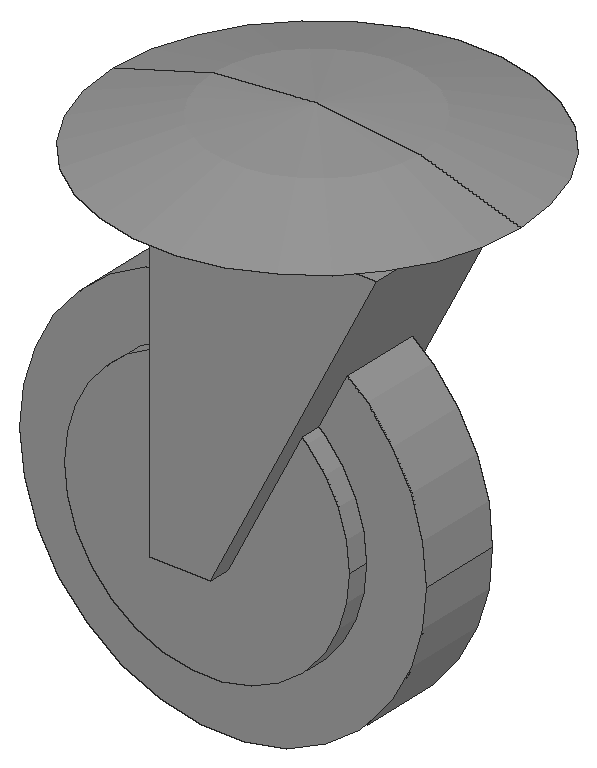
Revit family "Колесо для тележек Д10 с бампером h=140", category Обобщенные модели, Revit 2017
Family settings
  Может служить основой для арматурных стержней = Нет
  Размер круглого соединителя = Использовать диаметр
  Тип детали = Нормальный
  На основе рабочей плоскости = Нет
  Всегда вертикально = Да
  При загрузке вырезать с полостями = Нет
  Общий = Нет
  Точка расчета площади = Нет
Parameters (values of type "Колесо Д10 с бампером h=140")
  Keynote = ""
  Группа модели = "ТХ"  # constant formula
  GKS_Mep_Примечание = ""
  GKS_Mep_Обозначение = ""
  GKS_Mep_Наименование = "Колесо Д10 с бампером h=140"
  GKS_Mep_Масса = ""
  GKS_Mep_Код оборудования = ""
  GKS_Mep_Завод = ""
  GKS_Mep_Единицы = "шт."
Types (2, lengths in mm): name | GKS_Mep_Наименование
  Колесо Д10 с бампером h=140 | "Колесо Д10 с бампером h=140"
  ИЗМЕНИТЬ!!!!! | ""
Reference planes
  plane 1 "По центру (Вперед/Назад)": y = 0
  plane 2: z = 0
  plane 3 "По центру (Влево/Вправо)": x = 0
  plane 4: z = 140
  plane 5: z = 120
  plane 6: x = 15
  plane 7: z = 130
  plane 8: z = 50
Forms (mm)
  Extrusion 1, solid, material "Резина", detail levels fine
    sketch origin (0, 0, 0) x (1, 0, 0) y (0, 0, 1)
      loop
        circle (0, 50) r 50
    from -10 to 10
  Extrusion 2, solid, material "Сталь, хромированная", detail levels fine
    sketch origin (0, 0, 0) x (1, 0, 0) y (0, 0, 1)
      loop
        circle (0, 50) r 35
    from -15 to 15
  Revolve 3, solid, material "Слоистый пластик, темно-синий"
    sketch origin (-10, 0, 0) x (1, 0, 0) y (0, 0, 1)
      loop
        arc (25, 140) -> (-0.495, 137.475) -> (-25, 130) r 130
        arc (-25, 130) -> (-0.495, 122.525) -> (25, 120) r 130
        line (25, 120) -> (25, 140)
      axis (25, 140) -> (25, 120)
    angle from 0 to 360
  Extrusion 4, solid, material "Сталь, хромированная", detail levels fine
    sketch origin (0, 0, 0) x (1, 0, 0) y (0, 0, 1)
      loop
        line (-10, 120) -> (-10, 40) -> (4.905, 40) -> (45.667, 120) -> (-10, 120)
    from -20 to 20
Lines and regions (mm)
  symbolic lines, detail levels coarse+medium
    curve 1: line (15, 10, 0) -> (15, -10, 0)
    curve 2: line (4.905, 0, 0) -> (24.905, 0, 0)
Dimensions and locks
  aligned and locked: level to plane 2
